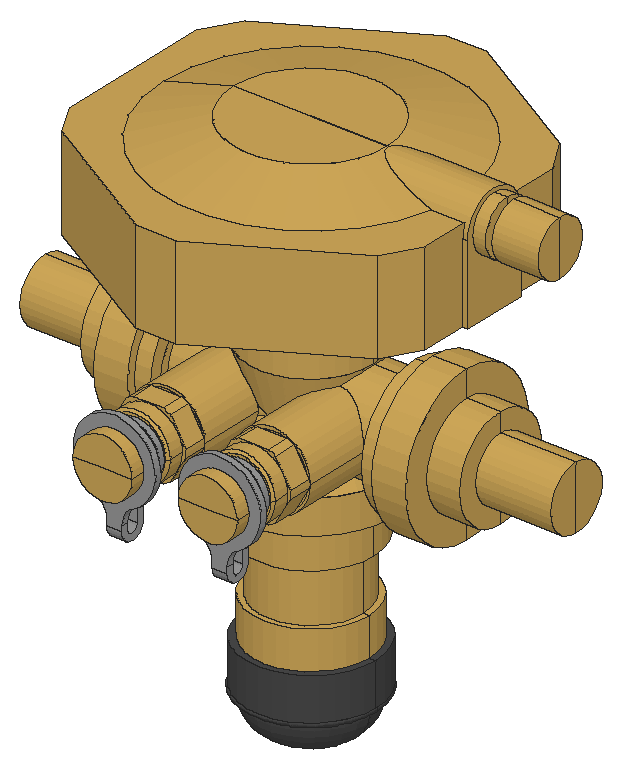
Revit family "Kombiventil 4001", category Rohrzubehör, Revit 2021 (continued)
Definition of nested family "Messstutzen_Band_Eintritt_senkrecht"
  Forms (mm)
    Extrusion 5, solid, detail levels fine
      sketch origin (0, 0, -31.678) x (0, 1, 0) y (-1, 0, 0)
        loop
          line (13.089, -1.8) -> (13.089, 1.8)
          arc (13.089, 1.8) -> (10.493, 2.527) -> (8.652, 4.495) r 5
      from 0 to -1.5
    Sweep 6, solid, detail levels fine
      path origin (0, 0, 0) x (0, 0, 1) y (0, -1, 0)
        loop
          line (-27.75, -9.582) -> (-27.75, -14.522)
          arc (-27.75, -14.522) -> (-30.089, -16.862) -> (-32.428, -14.522) r 2.339
          line (-32.428, -14.522) -> (-32.428, -13.089)
      profile origin (0, 12.052, -27.75) x (0, 0, 1) y (1, 0, 0)
        loop
          line (0.75, -1.8) -> (0.75, 1.8) -> (-0.75, 1.8) -> (-0.75, -1.8) -> (0.75, -1.8)
  Cuts and joins
    joined: Extrusion 4, Extrusion 5, Sweep 6
  Dimensions and locks
    aligned and locked: level to plane 2
Definition of nested family "Messstutzen_Band_Austritt_senkrecht"
  Parameters (values of type "Messstutzen_Band_Austritt_senkrecht")
    Default Elevation = 0.000 mm
    URL = "www.herz-armaturen.at"
    Schutzkappe [instance] = yes
    Nennweite [instance] = 0.000 mm
    Manufacturer = "Herz Armaturen GmbH"  # constant formula
    Gewicht [instance] = 0.00 kg
    Bestellnummer [instance] = 0
  Reference planes
    plane 1 "Mitte (Vorne/hinten)": y = 0
    plane 2: z = 0
    plane 3 "Mitte (Links/rechts)": x = 0
    plane 4 "Schlaufe 1": z = -27
    plane 5 "Schlaufe 2": z = -31.678
  Forms (mm)
    Revolve 1, solid, detail levels fine
      sketch origin (0, 0, 0) x (1, 0, 0) y (0, 0, 1)
        loop
          line (-7.4, -9) -> (-7.4, -16.5)
          arc (-7.4, -16.5) -> (-7.693, -17.207) -> (-8.4, -17.5) r 1
          line (-8.4, -17.5) -> (-2, -17.5) -> (-2, 0) -> (-5.555, 0) -> (-6.455, -0.9) -> (-6.455, -4.681) -> (-5.843, -5.293)
          arc (-5.843, -5.293) -> (-5.626, -5.617) -> (-5.55, -6) r 1
          line (-5.55, -6) -> (-5.55, -9) -> (-7.4, -9)
        loop
          line (-3.7, -27) -> (-3.7, -30.45) -> (-4.415, -30.863) -> (-4.415, -35.19) -> (-3.805, -35.8) -> (-2, -35.8) -> (-2, -23) -> (-7.9, -23) -> (-7.9, -26.4) -> (-7.3, -27) -> (-3.7, -27)
        axis (0, 0) -> (0, -35.8)
      angle from 0 to 360
    Extrusion 2, solid, detail levels fine
      sketch origin (0, 0, -17.5) x (0, 1, 0) y (1, 0, 0)
        loop
          line (-7.07, -5.156) -> (-0.93, -8.7)
          arc (-0.93, -8.7) -> (0, -8.75) -> (0.93, -8.7) r 8.75
          line (0.93, -8.7) -> (7.07, -5.156)
          arc (7.07, -5.156) -> (7.578, -4.375) -> (8, -3.544) r 8.75
          line (8, -3.544) -> (8, 3.544)
          arc (8, 3.544) -> (7.578, 4.375) -> (7.07, 5.156) r 8.75
          line (7.07, 5.156) -> (0.93, 8.7)
          arc (0.93, 8.7) -> (0, 8.75) -> (-0.93, 8.7) r 8.75
          line (-0.93, 8.7) -> (-7.07, 5.156)
          arc (-7.07, 5.156) -> (-7.578, 4.375) -> (-8, 3.544) r 8.75
          line (-8, 3.544) -> (-8, -3.544)
          arc (-8, -3.544) -> (-7.578, -4.375) -> (-7.07, -5.156) r 8.75
      from 0 to 5.5
    Revolve 3, solid, visible <- "Schutzkappe", detail levels fine
      sketch origin (0, 0, 0) x (1, 0, 0) y (0, 0, 1)
        loop
          line (0, -35.878) -> (-3.805, -35.878) -> (-4.415, -35.268) -> (-4.415, -30.178) -> (-6.9, -30.178) -> (-6.9, -31.678) -> (-6.1, -31.678) -> (-6.1, -33.378) -> (-7, -33.378) -> (-7, -36.678) -> (0, -36.678) -> (0, -35.878)
        axis (0, -30.178) -> (0, -36.678)
      angle from 0 to 360
    Extrusion 4, solid, detail levels fine
      sketch origin (0, 0, -27) x (0, 1, 0) y (-1, 0, 0)
        loop
          circle (0, 0) r 3.7
        loop
          arc (5.505, 3.906) -> (-6.75, 0) -> (5.505, -3.906) r 6.75
          arc (5.505, -3.906) -> (7.288, -2.358) -> (9.582, -1.8) r 5
          line (9.582, -1.8) -> (9.582, 1.8)
          arc (9.582, 1.8) -> (7.288, 2.358) -> (5.505, 3.906) r 5
      from 0 to -1.5
    Extrusion 5, solid, detail levels fine
      sketch origin (0, 0, -31.678) x (0, 1, 0) y (-1, 0, 0)
        loop
          circle (0, 0) r 6.1
        loop
          arc (8.652, 4.495) -> (-9.75, 0) -> (8.652, -4.495) r 9.75
          arc (8.652, -4.495) -> (10.493, -2.527) -> (13.089, -1.8) r 5
          line (13.089, -1.8) -> (13.089, 1.8)
          arc (13.089, 1.8) -> (10.493, 2.527) -> (8.652, 4.495) r 5
      from 0 to -1.5
    Sweep 6, solid, detail levels fine
      path origin (0, 0, 0) x (0, 0, 1) y (0, -1, 0)
        loop
          line (-27.75, -9.582) -> (-27.75, -14.522)
          arc (-27.75, -14.522) -> (-30.089, -16.862) -> (-32.428, -14.522) r 2.339
          line (-32.428, -14.522) -> (-32.428, -13.089)
      profile origin (0, 12.052, -27.75) x (0, 0, 1) y (1, 0, 0)
        loop
          line (0.75, -1.8) -> (0.75, 1.8) -> (-0.75, 1.8) -> (-0.75, -1.8) -> (0.75, -1.8)
  Cuts and joins
    joined: Extrusion 4, Extrusion 5, Sweep 6
  Dimensions and locks
    aligned and locked: level to plane 2
